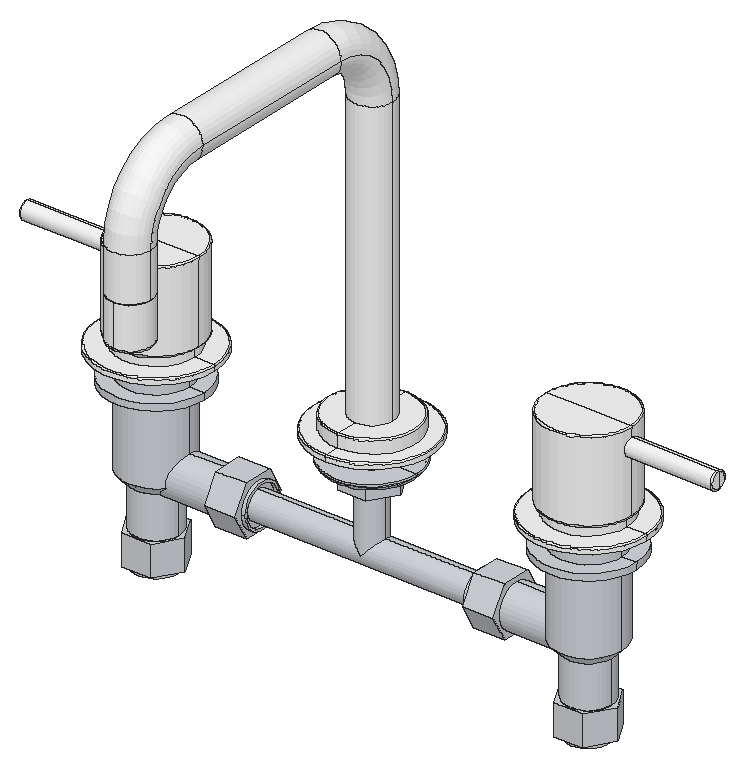
Revit family "Reece_Tap_Sussex_Scala_Square_Basin Set", category Plumbing Fixtures, host Face, Revit 2018
Family settings
  Host = Face
  Round Connector Dimension = Use Diameter
  Part Type = Normal
  Cut with Voids When Loaded = No
  Shared = Yes
  Room Calculation Point = Yes
Parameters (values of type "140 mm_5 Star_Chrome")
  WFU = 0  # constant formula
  URL = "https://www.reece.com.au/product/-2261606"
  Type Comments = "Tap"
  Reece_Tap_Reach = 140 mm  # constant formula
  Reece_Tap_Projection = 80 mm  # constant formula
  Reece_Tap_Inlet = 12 mm  # constant formula
  Reece_Tap_Handle_Spacing [instance] = if(Reece_Tap_Axis Distance < 70 mm, 70 mm, if(Reece_Tap_Axis Distance > 70 mm, Reece_Tap_Axis Distance, Reece_Tap_Axis Distance))  # 100 mm
  Reece_Tap_Handle_Height = 45 mm  # constant formula
  Reece_Tap_Handle_Bottom_Height = 7.3 mm  # constant formula
  Reece_Tap_Clearance = 100 mm  # constant formula
  Reece_Tap_Axis Distance [instance] = 100 mm
  Reece_Product_Web Page = "https://www.reece.com.au/product/-2261606"
  Reece_Product_Type = "Tap"  # constant formula
  Reece_Product_Sub Brand = "Scala"  # constant formula
  Reece_Product_Number = "2261606"
  Reece_Product_Mount = "Hob Mounted"
  Reece_Product_Description = "Sussex Scala Basin Set Square Chrome (5 Star)"
  Reece_Product_Brand = "Sussex"  # constant formula
  Reece_Overall_Length = 260 mm  # constant formula
  Reece_Overall_Height = 180 mm  # constant formula
  Reece_Overall_Diameter = 54 mm  # constant formula
  Reece_Material_Main = Reece_Brass_Chrome
  Reece_Detail_Type = "Basin Set"  # constant formula
  Reece_Detail_Shape = "Square"  # constant formula
  Reece_Detail_Installation = ""
  Reece_Detail_Disclaimer = "THIS FILE IS THE PROPERTY OF THE REECE GROUP. IT MAY NOT BE REPRODUCED, REVERSE-ENGINEERED OR MODIFIED. ANY REPUBLICATION, TRANSMISSION OR DISTRIBUTION FOR THE PURPOSE OF COMMERCIALLY EXPLOITING THE FILES IS PROHIBITED."  # constant formula
  Reece_Detail_Connector = ""
  Reece_Backplate_Thickness = 2.5 mm  # constant formula
  Model = "Scala"
  Manufacturer = "Sussex"
  Keynote = "Product #2261606, Reece_Tap_Sussex_Scala_Square_Basin Set - 140 mm_5 Star_Chrome"
  HWFU = 0  # constant formula
  Disclaimer = "THIS FILE IS THE PROPERTY OF THE REECE GROUP. IT MAY NOT BE REPRODUCED, REVERSE-ENGINEERED OR MODIFIED. ANY REPUBLICATION, TRANSMISSION OR DISTRIBUTION FOR THE PURPOSE OF COMMERCIALLY EXPLOITING THE FILES IS PROHIBITED."  # constant formula
  Description = "Scala Basin Set Square Chrome (5 Star)"
  Default Elevation = 1000 mm
  CWFU = 0  # constant formula
Types (3, lengths in mm): name | URL | Reece_Product_Web Page | Reece_Product_Number | Reece_Product_Description | Reece_Material_Main | Keynote | Description
  140 mm_5 Star_Chrome | "https://www.reece.com.au/product/-2261606" | "https://www.reece.com.au/product/-2261606" | "2261606" | "Sussex Scala Basin Set Square Chrome (5 Star)" | Reece_Brass_Chrome | "Product #2261606, Reece_Tap_Sussex_Scala_Square_Basin Set - 140 mm_5 Star_Chrome" | "Scala Basin Set Square Chrome (5 Star)"
  140 mm_5 Star_PVD Brushed Platinum Gold | "https://www.reece.com.au/product/-2268274" | "https://www.reece.com.au/product/-2268274" | "2268274" | "Sussex Scala Basin Set Square LUX PVD Brushed Platinum Gold (5 Star)" | Reece_PVD_Brushed_Platinum Gold | "Product #2268274, Reece_Tap_Sussex_Scala_Square_Basin Set - 140 mm_5 Star_PVD Brushed Platinum Gold" | "Scala Basin Set Square LUX PVD Brushed Platinum Gold (5 Star)"
  140 mm_5 Star_Satin Chrome | "https://www.reece.com.au/product/-2261651" | "https://www.reece.com.au/product/-2261651" | "2261651" | "Sussex Scala Basin Set Square Satin Chrome (5 Star)" | Reece_Brass_Satin Chrome | "Product #2261651, Reece_Tap_Sussex_Scala_Square_Basin Set - 140 mm_5 Star_Satin Chrome" | "Scala Basin Set Square Satin Chrome (5 Star)"
Reference planes
  plane 1 "Center (Front/Back)": y = 0
  plane 2 "Bottom": z = 0
  plane 3 "Center (Left/Right)": x = 0
  plane 4 "Top": z = 180
  plane 5: x = -27
  plane 6: x = 27
  plane 7: z = 100
  plane 8: x = -9.5
  plane 9: y = -140
  plane 10: x = 9.5
  plane 11: x = -100
  plane 12: x = 100
  plane 13: z = 45
  plane 14: x = -120
  plane 15: x = -80
  plane 16: x = -160
  plane 17: x = -127
  plane 18: x = -73
  plane 19: y = -149.5
Forms (mm)
  Revolve 1, solid, material "Reece_Brass_Chrome" <- "Reece_Material_Main"
    sketch origin (0, 0, 0) x (0, -1, 0) y (0, 0, 1)
      loop
        arc (-19.5, 8.5) -> (-19.854, 8.354) -> (-20, 8) r 0.5
        line (-20, 8) -> (-20, 2.5) -> (-26.5, 2.5)
        arc (-26.5, 2.5) -> (-26.854, 2.354) -> (-27, 2) r 0.5
        line (-27, 2) -> (-27, 0) -> (0, 0) -> (0, 8.5) -> (-19.5, 8.5)
      axis (0, 0) -> (0, 8.5)
    angle from 0 to 360
  Sweep 2, solid, material "Reece_Brass_Chrome" <- "Reece_Material_Main"
    path origin (0, 0, 0) x (0, -1, 0) y (0, 0, 1)
      loop
        line (140, 120.101) -> (140, 140.5)
        arc (140, 140.5) -> (131.213, 161.713) -> (110, 170.5) r 30
        line (110, 170.5) -> (30, 170.5)
        arc (30, 170.5) -> (8.787, 161.713) -> (0, 140.5) r 30
        line (0, 140.5) -> (0, 8.5)
    profile origin (0, 0, 74.5) x (-1, 0, 0) y (0, -1, 0)
      loop
        circle (0, 0) r 9.5
  Extrusion 3, void
    sketch origin (0, 0, 0) x (1, 0, 0) y (0, 1, 0)
      loop
        circle (-100, 0) r 14
      loop
        circle (100, 0) r 14
      loop
        circle (0, 0) r 12.5
    from -64.811 to 31.051
  Revolve 4, solid, material "Reece_Brass_Chrome" <- "Reece_Material_Main"
    sketch origin (0, 5, -50.078) x (0, 1, 0) y (0, 0, 1)
      loop
        line (-145, 170.764) -> (-153.414, 170.764) -> (-154.5, 169.678) -> (-154.5, 150.578)
        arc (-154.5, 150.578) -> (-154.354, 150.225) -> (-154, 150.078) r 0.5
        line (-154, 150.078) -> (-153.077, 150.078) -> (-153.077, 151.611) -> (-152.061, 151.611) -> (-151.503, 150.078) -> (-145, 150.078) -> (-145, 170.764)
      axis (-145, 170.764) -> (-145, 150.078)
    angle from 0 to 360
  Revolve 5, solid
    sketch origin (-0.25, 0, -0.928) x (1, 0, 0) y (0, 0, 1)
      loop
        line (0, 5.835) -> (0, -47) -> (6.5, -47) -> (6.5, -11.7) -> (18.888, -11.7)
        arc (18.888, -11.7) -> (19.596, -11.407) -> (19.888, -10.7) r 1
        line (19.888, -10.7) -> (19.888, -9.6) -> (20.888, -9.6) -> (20.888, -8.742) -> (10, -8.742) -> (10, 5.835) -> (0, 5.835)
      axis (0, 5.835) -> (0, -47)
    angle from 0 to 360
  Revolve 6, solid
    sketch origin (-0.25, 0, -0.928) x (1, 0, 0) y (0, 0, 1)
      loop
        line (50.612, -47) -> (50.612, -40.5) -> (-66.612, -40.5) -> (-66.612, -37.123) -> (-99.75, -37.123) -> (-99.75, -47) -> (-70.103, -47) -> (50.612, -47)
      loop
        line (66.612, -37.123) -> (66.612, -47) -> (100.25, -47) -> (100.25, -37.123) -> (66.612, -37.123)
      axis (100.25, -47) -> (-99.75, -47)
    angle from 0 to 360
  Extrusion 7, solid
    sketch origin (-121.862, -0.379, -50.809) x (0, 1, 0) y (0, 0, 1)
      loop
        line (-12.921, 2.881) -> (-6.271, -8.637) -> (7.029, -8.637) -> (13.679, 2.881) -> (7.029, 14.399) -> (-6.271, 14.399) -> (-12.921, 2.881)
    from 55 to 69
  Extrusion 8, solid
    sketch origin (-52.862, -0.379, -50.809) x (0, 1, 0) y (0, 0, 1)
      loop
        circle (0.379, 2.881) r 10
      loop
        circle (0.379, 2.881) r 9
    from 0 to 2
  Revolve 9, solid
    sketch origin (-4.996, 0, -0.928) x (1, 0, 0) y (0, 0, 1)
      loop
        line (-110.559, -12.6) -> (-110.559, -48.588) -> (-105.61, -53.538) -> (-105.61, -72.919) -> (-104.007, -74.52) -> (-95.004, -74.52) -> (-95.004, 22.835) -> (-105, 22.835) -> (-105, 0.835) -> (-110.559, -2.375) -> (-110.559, -9.6) -> (-117.347, -9.6) -> (-117.347, -12.6) -> (-110.559, -12.6)
      axis (-95.004, 22.835) -> (-95.004, -74.52)
    angle from 0 to 360
  Extrusion 10, solid
    sketch origin (-104.996, 0, -87.848) x (-1, 0, 0) y (0, 1, 0)
      loop
        circle (-4.999, 0.001) r 10
      loop
        circle (-4.999, 0.001) r 9
    from 0 to 2
  Extrusion 11, solid
    sketch origin (105.004, 0, -73.848) x (0, 1, 0) y (1, 0, 0)
      loop
        line (0.001, 8.3) -> (-11.518, 1.65) -> (-11.518, -11.65) -> (0.001, -18.3) -> (11.519, -11.65) -> (11.519, 1.65) -> (0.001, 8.3)
    from 0 to 14
  Extrusion 12, solid
    sketch origin (105.004, 0, -87.848) x (-1, 0, 0) y (0, 1, 0)
      loop
        circle (5, 0.001) r 10
      loop
        circle (5, 0.001) r 9
    from 0 to 2
  Extrusion 13, solid
    sketch origin (57.361, -0.379, -50.809) x (0, 1, 0) y (0, 0, 1)
      loop
        line (-12.921, 2.881) -> (-6.271, -8.637) -> (7.029, -8.637) -> (13.679, 2.881) -> (7.029, 14.399) -> (-6.271, 14.399) -> (-12.921, 2.881)
    from -5 to 9
  Extrusion 14, solid
    sketch origin (52.361, -0.379, -50.809) x (0, -1, 0) y (0, 0, 1)
      loop
        circle (-0.379, 2.881) r 10
      loop
        circle (-0.379, 2.881) r 9
    from 0 to 2
  Revolve 15, solid
    sketch origin (5.004, 0, -0.928) x (-1, 0, 0) y (0, 0, -1)
      loop
        line (-110.559, 12.6) -> (-117.347, 12.6) -> (-117.347, 9.6) -> (-110.559, 9.6) -> (-110.559, 2.375) -> (-105, -0.835) -> (-105, -22.835) -> (-95, -22.835) -> (-95, 74.52) -> (-104.007, 74.52) -> (-105.61, 72.919) -> (-105.61, 53.538) -> (-110.559, 48.588) -> (-110.559, 12.6)
      axis (-95, -22.835) -> (-95, 74.52)
    angle from 0 to 360
  Extrusion 16, solid
    sketch origin (-0.25, 0, -12.629) x (0, 1, 0) y (1, 0, 0)
      loop
        line (0.001, 13.3) -> (-11.518, 6.65) -> (-11.518, -6.65) -> (0.001, -13.3) -> (11.519, -6.65) -> (11.519, 6.65) -> (0.001, 13.3)
    from 0 to 8.3
  Extrusion 17, solid
    sketch origin (-94.996, 0, -73.848) x (0, 1, 0) y (1, 0, 0)
      loop
        line (0.001, 8.3) -> (-11.518, 1.65) -> (-11.518, -11.65) -> (0.001, -18.3) -> (11.519, -11.65) -> (11.519, 1.65) -> (0.001, 8.3)
    from 0 to 14
Cuts and joins
  joined: Revolve 1, Sweep 2
  joined: Revolve 5, Revolve 6, Revolve 9, Revolve 15
Text (mm)
  text "Reece Copyright © 2018, Reece Ltd." at (-342.196, -178.801, 0), in view "Ref. Level"
  text "Reece ©" at (-26.028, 188.538, 192.345), in view "Reece Preview"
Dimensions and locks
  plane 5 to plane 6 = 54 mm  (x2)
  "Reece_Overall_Height": plane 4 "Top" to plane 2 "Bottom"
  "Reece_Tap_Clearance": plane 2 "Bottom" to plane 7
  "Reece_Tap_Reach": plane 1 "Center (Front/Back)" to plane 9
  plane 8 to plane 10 = 19 mm  (x2)
  "Reece_Overall_Diameter": plane 5 to plane 6
  plane 13 to plane 2 "Bottom" = 45 mm
  plane 14 to plane 15 = 40 mm  (x3)
  plane 15 to plane 16 = 80 mm
  plane 17 to plane 18 = 54 mm
  plane 4 "Top" to plane 2 "Bottom" = 180 mm
  plane 10 to plane 8 = 19 mm
  plane 2 "Bottom" to plane 4 "Top" = 180 mm
  "Reece_Tap_Projection": plane 15 to plane 16
  plane 18 to plane 17 = 54 mm
  "Reece_Overall_Diameter": plane 17 to plane 18
  "Reece_Tap_Handle_Spacing": plane 11 to plane 3 "Center (Left/Right)" to plane 12
  locked: Revolve 9 sketch curve to Revolve 9 sketch curve at 15.556  (x2)
  locked: nested 1 to Revolve 9 sketch curve at 9.996
  locked: Revolve 9 sketch curve to Revolve 6 at 22.343
  locked: Extrusion 17 sketch curve to plane 11 at 13.296
  locked: plane 11 to Extrusion 17 sketch curve at 13.304
  aligned and locked: plane 2 "Bottom" to host face
  aligned and locked: level to host face
  aligned and locked: nested 2 to plane 12
  aligned and locked: nested 1 to plane 11
  aligned and locked: nested 1 to plane 1 "Center (Front/Back)"
  aligned and locked: plane 1 "Center (Front/Back)" to nested 2
  aligned and locked: Revolve 9 sketch curve to plane 11
  aligned and locked: plane 11 to Revolve 6
Automatic sketch dimensions
  host sketch curve to host sketch curve = 380.785 mm
  host sketch curve to host sketch curve = 317.421 mm
  Revolve 1 sketch curve to level = 0 mm
  Revolve 1 sketch curve to plane 1 "Center (Front/Back)" = 0 mm  (x2)
  level to Revolve 1 sketch curve = 8.5 mm
  Revolve 1 sketch curve to Revolve 1 sketch curve = 19.5 mm
  Revolve 1 sketch curve to Revolve 1 sketch curve = 0.5 mm  (x2)
  level to Revolve 1 sketch curve = 2.5 mm
  Revolve 1 sketch curve to Revolve 1 sketch curve = 6.5 mm
  Revolve 1 sketch curve to plane 13 = 2 mm
  Revolve 1 sketch curve to Revolve 1 sketch curve = 13.278 mm
  Sweep 2 sketch curve to plane 1 "Center (Front/Back)" = 0 mm
  Sweep 2 sketch curve to plane 9 = 0 mm
  Sweep 2 sketch curve to plane 4 "Top" = 9.5 mm
  plane 1 "Center (Front/Back)" to Sweep 2 sketch curve = 30 mm
  plane 9 to Sweep 2 sketch curve = 30 mm
  Sweep 2 sketch curve to plane 7 = 20.101 mm
  level to Sweep 2 sketch curve = 8.5 mm
  Sweep 2 sketch curve to profile plane = 0 mm  (x2)
  plane 1 "Center (Front/Back)" to Extrusion 3 sketch curve = 0 mm  (x3)
  Extrusion 3 sketch curve to plane 11 = 0 mm
  Extrusion 3 sketch curve to plane 3 "Center (Left/Right)" = 0 mm
  Extrusion 3 sketch curve to plane 12 = 0 mm
  Revolve 4 sketch curve to plane 19 = 0 mm
  plane 7 to Revolve 4 sketch curve = 0 mm  (x2)
  Revolve 4 sketch curve to plane 9 = 0 mm  (x2)
  Revolve 4 sketch curve to Revolve 4 sketch curve = 0.5 mm
  Revolve 4 sketch curve to plane 19 = 1.086 mm
  Revolve 4 sketch curve to Revolve 4 sketch curve = 0.923 mm
  Revolve 4 sketch curve to Revolve 4 sketch curve = 1.016 mm
  Revolve 4 sketch curve to Revolve 4 sketch curve = 1.574 mm
  Revolve 4 sketch curve to Revolve 4 sketch curve = 1.033 mm
  Revolve 4 sketch curve to Revolve 4 sketch curve = 18.067 mm
  Revolve 4 sketch curve to Revolve 4 sketch curve = 1.086 mm
  plane 7 to Revolve 4 sketch curve = 5.241 mm
  Revolve 4 sketch curve to Revolve 4 sketch curve = 5.927 mm
  Revolve 5 sketch curve to plane 3 "Center (Left/Right)" = 0.25 mm  (x2)
  Revolve 5 sketch curve to plane 10 = 3.25 mm
  plane 10 to Revolve 5 sketch curve = 0.25 mm
  Revolve 5 sketch curve to plane 6 = 8.362 mm
  Revolve 5 sketch curve to Revolve 5 sketch curve = 1 mm  (x2)
  Revolve 5 sketch curve to level = 47.928 mm
  Revolve 5 sketch curve to level = 12.629 mm
  Revolve 5 sketch curve to Revolve 5 sketch curve = 1.1 mm
  Revolve 5 sketch curve to Revolve 5 sketch curve = 2.958 mm
  level to Revolve 5 sketch curve = 4.907 mm
  Revolve 5 sketch curve to Revolve 5 sketch curve = 9.761 mm
  Revolve 5 sketch curve to Revolve 5 sketch curve = 17.404 mm
  plane 11 to Revolve 6 sketch curve = 0 mm
  Revolve 6 sketch curve to plane 12 = 0 mm
  plane 18 to Revolve 6 sketch curve = 2.646 mm
  plane 18 to Revolve 6 sketch curve = 6.138 mm
  plane 6 to Revolve 6 sketch curve = 23.361 mm
  Revolve 6 sketch curve to Revolve 6 sketch curve = 16 mm
  Revolve 6 sketch curve to level = 47.928 mm  (x2)
  Revolve 6 sketch curve to Revolve 6 sketch curve = 6.5 mm
  Revolve 6 sketch curve to Revolve 6 sketch curve = 3.377 mm
  Revolve 6 sketch curve to Revolve 6 sketch curve = 9.877 mm
  plane 17 to Revolve 6 sketch curve = 3.25 mm
  plane 12 to Revolve 6 sketch curve = 24.75 mm
  Revolve 6 sketch curve to Revolve 6 sketch curve = 0 mm
  plane 1 "Center (Front/Back)" to Extrusion 7 sketch curve = 13.3 mm
  plane 1 "Center (Front/Back)" to Extrusion 7 sketch curve = 6.65 mm  (x2)
  Extrusion 7 sketch curve to plane 1 "Center (Front/Back)" = 6.65 mm  (x2)
  Extrusion 7 sketch curve to plane 1 "Center (Front/Back)" = 13.3 mm
  Extrusion 7 sketch curve to level = 59.446 mm
  Extrusion 7 sketch curve to Extrusion 7 sketch curve = 11.518 mm  (x3)
  Extrusion 8 sketch curve to Extrusion 8 sketch curve = 0 mm  (x2)
  Extrusion 8 sketch curve to Extrusion 7 = 11.518 mm  (x2)
  Revolve 9 sketch curve to plane 11 = 0 mm
  Revolve 9 sketch curve to Revolve 9 sketch curve = 4.95 mm  (x2)
  Revolve 9 sketch curve to Revolve 9 sketch curve = 1.602 mm
  Revolve 9 sketch curve to level = 75.449 mm
  Revolve 9 sketch curve to Revolve 9 sketch curve = 0 mm
  Revolve 9 sketch curve to Revolve 9 sketch curve = 1.601 mm
  Revolve 9 sketch curve to Revolve 9 sketch curve = 19.382 mm
  Revolve 9 sketch curve to level = 13.529 mm
  Revolve 9 sketch curve to Revolve 9 sketch curve = 3 mm
  Revolve 9 sketch curve to level = 3.303 mm
  Revolve 9 sketch curve to level = 0.093 mm
  level to Revolve 9 sketch curve = 21.907 mm
  Revolve 9 sketch curve to Revolve 9 sketch curve = 38.18 mm
  Revolve 9 sketch curve to plane 7 = 21.372 mm
  Extrusion 10 sketch curve to Extrusion 10 sketch curve = 0 mm  (x2)
  Extrusion 10 sketch curve to plane 1 "Center (Front/Back)" = 0.001 mm
  Extrusion 10 sketch curve to plane 11 = 0.002 mm
  plane 1 "Center (Front/Back)" to Extrusion 11 sketch curve = 11.518 mm
  Extrusion 11 sketch curve to plane 1 "Center (Front/Back)" = 0.001 mm  (x2)
  Extrusion 11 sketch curve to plane 1 "Center (Front/Back)" = 11.519 mm
  plane 12 to Extrusion 11 sketch curve = 13.304 mm
  plane 12 to Extrusion 11 sketch curve = 6.654 mm  (x2)
  Extrusion 11 sketch curve to plane 12 = 6.646 mm  (x2)
  Extrusion 11 sketch curve to plane 12 = 13.296 mm
  Extrusion 12 sketch curve to Extrusion 12 sketch curve = 0 mm  (x2)
  Extrusion 12 sketch curve to plane 1 "Center (Front/Back)" = 0.001 mm
  plane 12 to Extrusion 12 sketch curve = 0.004 mm
  plane 1 "Center (Front/Back)" to Extrusion 13 sketch curve = 13.3 mm
  plane 1 "Center (Front/Back)" to Extrusion 13 sketch curve = 6.65 mm  (x2)
  Extrusion 13 sketch curve to plane 1 "Center (Front/Back)" = 6.65 mm  (x2)
  Extrusion 13 sketch curve to plane 1 "Center (Front/Back)" = 13.3 mm
  Extrusion 13 sketch curve to level = 59.446 mm
  Extrusion 13 sketch curve to Extrusion 13 sketch curve = 11.518 mm  (x3)
  Extrusion 14 sketch curve to Extrusion 14 sketch curve = 0 mm  (x2)
  Extrusion 14 sketch curve to Extrusion 13 = 11.518 mm  (x2)
  plane 12 to Revolve 15 sketch curve = 22.351 mm
  Revolve 15 sketch curve to Revolve 15 sketch curve = 6.788 mm  (x2)
  Revolve 15 sketch curve to level = 3.303 mm
  Revolve 15 sketch curve to Revolve 15 sketch curve = 4.95 mm  (x2)
  Revolve 15 sketch curve to level = 0.093 mm
  Revolve 15 sketch curve to Revolve 15 sketch curve = 5.559 mm
  Revolve 15 sketch curve to Revolve 15 sketch curve = 1.602 mm
  plane 12 to Revolve 15 sketch curve = 0.004 mm  (x2)
  level to Revolve 15 sketch curve = 21.907 mm
  Revolve 15 sketch curve to Revolve 15 sketch curve = 7.226 mm
  Revolve 15 sketch curve to Revolve 15 sketch curve = 3 mm
  Revolve 15 sketch curve to Revolve 15 sketch curve = 35.988 mm
  Revolve 15 sketch curve to Revolve 15 sketch curve = 19.382 mm
  Revolve 15 sketch curve to Revolve 15 sketch curve = 1.601 mm
  Revolve 15 sketch curve to Revolve 15 sketch curve = 0 mm
  Revolve 15 sketch curve to plane 7 = 21.372 mm
  Revolve 15 sketch curve to Revolve 15 sketch curve = 38.18 mm
  Extrusion 16 sketch curve to plane 10 = 3.1 mm  (x2)
  plane 1 "Center (Front/Back)" to Extrusion 16 sketch curve = 11.518 mm
  Extrusion 16 sketch curve to plane 1 "Center (Front/Back)" = 0.001 mm  (x2)
  Extrusion 16 sketch curve to plane 1 "Center (Front/Back)" = 11.519 mm
  plane 10 to Extrusion 16 sketch curve = 3.55 mm
  Extrusion 16 sketch curve to plane 8 = 2.6 mm  (x2)
  plane 8 to Extrusion 16 sketch curve = 4.05 mm
  plane 1 "Center (Front/Back)" to Extrusion 17 sketch curve = 11.518 mm
  Extrusion 17 sketch curve to plane 1 "Center (Front/Back)" = 0.001 mm  (x2)
  Extrusion 17 sketch curve to plane 1 "Center (Front/Back)" = 11.519 mm
  Extrusion 17 sketch curve to plane 11 = 6.654 mm  (x2)
  plane 11 to Extrusion 17 sketch curve = 6.646 mm  (x2)
  radius of Sweep 2 sketch curve = 9.5 mm
  radius of Extrusion 3 sketch curve = 14 mm  (x2)
  radius of Extrusion 3 sketch curve = 12.5 mm
  radius of Extrusion 8 sketch curve = 10 mm
  radius of Extrusion 8 sketch curve = 9 mm
  radius of Extrusion 10 sketch curve = 10 mm
  radius of Extrusion 10 sketch curve = 9 mm
  radius of Extrusion 12 sketch curve = 10 mm
  radius of Extrusion 12 sketch curve = 9 mm
  radius of Extrusion 14 sketch curve = 10 mm
  radius of Extrusion 14 sketch curve = 9 mm
Nested families
  nested 1: "Reece_Tap_Sussex_Scala_Set_Mixer_Nested" at (-100, 0, 0) x (0, 1, 0) z (0, 0, 1), Reece_Backplate_Thickness <- "Reece_Backplate_Thickness", Reece_Tap_Handle_Bottom_Height <- "Reece_Tap_Handle_Bottom_Height", Reece_Tap_Handle_Height <- "Reece_Tap_Handle_Height", Reece_Tap_Projection <- "Reece_Tap_Projection", Reece_Material_Main <- "Reece_Material_Main", type "Reece_Tap_Sussex_Scala_Set_Mixer_Nested"
    with Reece_Tap_Projection 80 mm, Reece_Tap_Handle_Height 45 mm, Reece_Tap_Handle_Bottom_Height 7.3 mm, Reece_Material_Main Reece_Brass_Chrome, Reece_Backplate_Thickness 2.5 mm
  nested 2: "Reece_Tap_Sussex_Scala_Set_Mixer_Nested" at (100, 0, 0) x (0, 1, 0) z (0, 0, 1), Reece_Backplate_Thickness <- "Reece_Backplate_Thickness", Reece_Tap_Handle_Bottom_Height <- "Reece_Tap_Handle_Bottom_Height", Reece_Tap_Handle_Height <- "Reece_Tap_Handle_Height", Reece_Tap_Projection <- "Reece_Tap_Projection", Reece_Material_Main <- "Reece_Material_Main", type "Reece_Tap_Sussex_Scala_Set_Mixer_Nested"
    with Reece_Tap_Projection 80 mm, Reece_Tap_Handle_Height 45 mm, Reece_Tap_Handle_Bottom_Height 7.3 mm, Reece_Material_Main Reece_Brass_Chrome, Reece_Backplate_Thickness 2.5 mm
Connectors
  piping at (100.004, 0.001, -89.848), diameter 12, driven by "Reece_Tap_Inlet"
    settings: on Extrusion 12, index 1, connector inside diameter 609.6 mm, connector length 0 mm, flow factor 0, pipe flow 0.0 L/s, pressure drop 0.0 Pa, fitting loss kfactor 0, connector angle 0.00°, fixture units 0, engagement length 0 mm, angle of deflection 0.00°, flow configuration 0, flow direction 1, fitting loss method 0, system type 29, joint type 0, gender type 0, connector reference index -1, connector utility 0, adjustable connector no, is connector primary yes, connector description ""
  piping at (-99.998, 0.001, -89.848), diameter 12, driven by "Reece_Tap_Inlet"
    settings: on Extrusion 10, index 2, connector inside diameter 609.6 mm, connector length 0 mm, flow factor 0, pipe flow 0.0 L/s, pressure drop 0.0 Pa, fitting loss kfactor 0, connector angle 0.00°, fixture units 0, engagement length 0 mm, angle of deflection 0.00°, flow configuration 0, flow direction 1, fitting loss method 0, system type 29, joint type 0, gender type 0, connector reference index -1, connector utility 0, adjustable connector no, is connector primary no, connector description ""
Definition of nested family "Reece_Tap_Sussex_Scala_Set_Mixer_Nested"
  Parameters (values of type "Reece_Tap_Sussex_Scala_Set_Mixer_Nested")
    Waste Connection = no
    WFU = 0
    Vent Connection = no
    URL = ""
    Type Comments = ""
    Reece_Tap_Projection [instance] = 80 mm
    Reece_Tap_Handle_Height [instance] = 45 mm
    Reece_Tap_Handle_Bottom_Height [instance] = 8 mm
    Reece_Material_Main [instance] = none
    Reece_Backplate_Thickness [instance] = 3 mm
    Model = ""
    Manufacturer = ""
    Keynote = ""
    HWFU = 0
    HW Connection = no
    Description = ""
    Default Elevation = 0 mm
    Cost = 0
    CWFU = 0
    CW Connection = no
    Assembly Code = ""
  Reference planes
    plane 1 "Center (Front/Back)": y = 0
    plane 2 "Bottom": z = 0
    plane 3 "Center (Left/Right)": x = 0
    plane 4: y = -27
    plane 5: y = 27
    plane 6: y = -20
    plane 7: y = 20
    plane 8: z = 36.5
    plane 9: x = -27
    plane 10: x = 27
    plane 11: y = 60
    plane 12: z = 45
    plane 13: z = 3
    plane 14: x = -20
    plane 15: x = 20
    plane 16: z = 8
  Forms (mm)
    Extrusion 1, solid
      sketch origin (619.2, -619.2, 0) x (1, 0, 0) y (0, 1, 0)
        loop
          line (-809.2, 779.2) -> (-809.2, 461.779) -> (-428.415, 461.779) -> (-428.415, 779.2) -> (-809.2, 779.2)
      from 0 to -9.564
    Revolve 2, solid, material <- "Reece_Material_Main"
      sketch origin (0, 0, 0) x (0, 1, 0) y (0, 0, 1)
        loop
          line (0, 0) -> (0, 45) -> (-19.5, 45)
          arc (-19.5, 45) -> (-19.854, 44.854) -> (-20, 44.5) r 0.5
          line (-20, 44.5) -> (-20, 8.5)
          arc (-20, 8.5) -> (-19.854, 8.146) -> (-19.5, 8) r 0.5
          line (-19.5, 8) -> (-17.75, 8) -> (-17.75, 3) -> (-26.5, 3)
          arc (-26.5, 3) -> (-26.854, 2.854) -> (-27, 2.5) r 0.5
          line (-27, 2.5) -> (-27, 0) -> (0, 0)
        axis (0, 45) -> (0, 0)
      angle from 0 to 360
    Revolve 3, solid, material <- "Reece_Material_Main"
      sketch origin (0, 0, 0) x (0, -1, 0) y (0, 0, -1)
        loop
          line (0, -36.5) -> (-60, -36.5) -> (-60, -40)
          arc (-60, -40) -> (-59.854, -40.354) -> (-59.5, -40.5) r 0.5
          line (-59.5, -40.5) -> (0, -40.5) -> (0, -36.5)
        axis (0, -36.5) -> (-60, -36.5)
      angle from 0 to 360
  Cuts and joins
    joined: Revolve 2, Revolve 3
  Text (mm)
    text "Reece Copyright © 2018, Reece Ltd." at (-1403.988, -1192.393, 0), in view "Ref. Level"
    text "Reece ©" at (44.384, 258.95, 192.345), in view "Reece Preview"
  Dimensions and locks
    locked: plane 12 to plane 8 at 8.5
    "Reece_Backplate_Thickness": plane 13 to plane 2 "Bottom"
    "Reece_Tap_Handle_Height": plane 12 to plane 2 "Bottom"
    "Reece_Tap_Projection": plane 11 to plane 6
    plane 7 to plane 6 = 40 mm
    "Reece_Tap_Handle_Bottom_Height": plane 2 "Bottom" to plane 16
    aligned and locked: plane 2 "Bottom" to Extrusion 1
    aligned and locked: level to Extrusion 1
    aligned and locked: Revolve 2 sketch curve to plane 12
    aligned and locked: plane 13 to Revolve 2 sketch curve
    aligned and locked: plane 16 to cut or joined group of Revolve 2, Revolve 3
  Automatic sketch dimensions
    Extrusion 1 sketch curve to Extrusion 1 sketch curve = 380.785 mm
    Extrusion 1 sketch curve to Extrusion 1 sketch curve = 317.421 mm
    plane 8 to Revolve 3 sketch curve = 0 mm
    Revolve 3 sketch curve to plane 11 = 0 mm
    Revolve 3 sketch curve to plane 8 = 0 mm
    Revolve 3 sketch curve to plane 1 "Center (Front/Back)" = 0 mm
    plane 11 to Revolve 3 sketch curve = 0.5 mm
    plane 8 to Revolve 3 sketch curve = 3.5 mm
    Revolve 3 sketch curve to plane 1 "Center (Front/Back)" = 5 mm
    Revolve 3 sketch curve to Revolve 3 sketch curve = 5 mm
    level to Revolve 2 sketch curve = 0 mm
    Revolve 2 sketch curve to plane 4 = 0 mm
    Revolve 2 sketch curve to plane 6 = 0 mm
    Revolve 2 sketch curve to plane 1 "Center (Front/Back)" = 0 mm  (x2)
    plane 4 to Revolve 2 sketch curve = 0.5 mm
    Revolve 2 sketch curve to Revolve 2 sketch curve = 0.5 mm  (x2)
    Revolve 2 sketch curve to Revolve 2 sketch curve = 1.75 mm
    Revolve 2 sketch curve to Revolve 2 sketch curve = 5 mm
    Revolve 2 sketch curve to level = 20 mm
    plane 13 to Revolve 2 sketch curve = 10 mm
